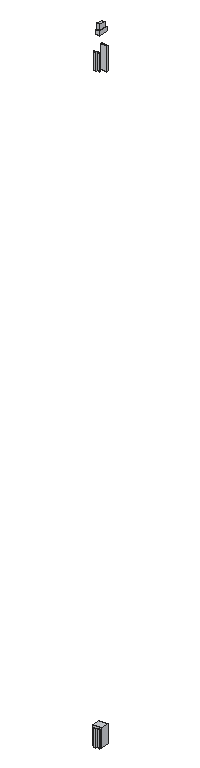
Revit family "Лифт_Пассажирский_МетеорЛифт_NeoClassic_LOD100", category Оборудование, Revit 2020 (continued)
Definition of nested family "МетеорЛифт_Кабина_МетеорЛифт_NeoClassic"
  Automatic sketch dimensions
    curve 1 to plane 6 "Левая стена кабины" = 0 mm
    curve 4 to plane 5 "Правая стена кабины" = 0 mm
    curve 6 to plane 7 "Передняя стена кабины" = 0 mm
    curve 1 to plane 8 "Задняя стена кабины" = 0 mm
  Nested families
    nested 1: "МетеорЛифт_ДверьКабины_Телескопическая_МетеорЛифт_PAX" at (0, -732, 0), Ширина дверного проема <- "Ширина дверного проема", Высота дверного проема <- "Высота дверного проема", type <- "Дверь_ПереднийВход", type "МетеорЛифт_ДверьКабины_Телескопическая_МетеорЛифт_PAX"
      with Ширина дверного проема 700 mm, Высота дверного проема 2000 mm
    nested 2: "МетеорЛифт_ДверьКабины_Отсутствует" at (0, 932, 2), Ширина дверного проема <- "Ширина дверного проема", Высота дверного проема <- "Высота дверного проема", type <- "Дверь_ЗаднийВход", type "МетеорЛифт_ДверьКабины_Отсутствует"
      with Ширина дверного проема 700 mm, Высота дверного проема 2000 mm
    nested 3: "Icons" at (-490, -540, 0), MGN <- "MGN", PPP <- "PPP", type "Icons"
      with PPP yes, MGN yes
  Definition of nested family "МетеорЛифт_ДверьКабины_Телескопическая_МетеорЛифт_PAX"
    Parameters (values of type "МетеорЛифт_ДверьКабины_Телескопическая_МетеорЛифт_PAX")
      Ширина дверного проема [instance] = 900 mm
      Default Elevation = 0 mm
      Высота дверного проема [instance] = 2000 mm
    Reference planes
      plane 1 "По центру (Вперед/Назад)": y = 0
      plane 2 "По центру (Вверх/Вниз)": z = 0
      plane 3 "По центру (Влево/Вправо)": x = 0
      plane 4: x = -450
      plane 5: x = 450
      plane 6: z = 2000
      plane 7: z = -26
      plane 8: z = 2249
      plane 9: y = 132
      plane 10: y = 45
      plane 11: y = 60
      plane 12: y = 105
    Lines and regions (mm)
      symbolic lines
        curve 1: line (450, 0, 0) -> (0, 0, 0)
        curve 2: line (0, 0, 0) -> (0, 45, 0)
        curve 3: line (0, 45, 0) -> (450, 45, 0)
        curve 4: line (-450, 60, 0) -> (0, 60, 0)
        curve 5: line (0, 60, 0) -> (0, 105, 0)
        curve 6: line (0, 105, 0) -> (-450, 105, 0)
        curve 7: line (-450, 60, 0) -> (-450, 132, 0)
        curve 8: line (450, 0, 0) -> (450, 132, 0)
        curve 9: line (0, 0, 0) -> (0, 132, 0)
        curve 10: line (0, 0, 0) -> (0, 0, 2000)
        curve 11: line (0, 0, 2000) -> (0, 132, 2000)
        curve 12: line (0, 45, 2000) -> (0, 45, 0)
        curve 13: line (0, 60, 0) -> (0, 60, 2000)
        curve 14: line (0, 105, 2000) -> (0, 105, 0)
    Dimensions and locks
      equal spacing: plane 4, plane 3 "По центру (Влево/Вправо)", plane 5
      "Ширина дверного проема": plane 4 to plane 5
      "Высота дверного проема": plane 6 to plane 2 "По центру (Вверх/Вниз)"
      locked: plane 2 "По центру (Вверх/Вниз)" to plane 7 at 26
      locked: plane 1 "По центру (Вперед/Назад)" to plane 9 at 132
      plane 8 to plane 6 = 249 mm
      locked: plane 1 "По центру (Вперед/Назад)" to plane 10 at 45
      locked: plane 10 to plane 11 at 15
      locked: plane 11 to plane 12 at 45
      aligned and locked: level to plane 2 "По центру (Вверх/Вниз)"
      aligned and locked: plane 2 "По центру (Вверх/Вниз)" to curve 9
      aligned and locked: plane 1 "По центру (Вперед/Назад)" to curve 10
      aligned and locked: curve 12 to plane 10
      aligned and locked: plane 11 to curve 13
      aligned and locked: curve 14 to plane 12
      aligned and locked: plane 6 to curve 11
      aligned and locked: plane 4 to curve 7
      aligned and locked: curve 6 to plane 12
      aligned and locked: plane 11 to curve 4
      aligned and locked: plane 3 "По центру (Влево/Вправо)" to curve 5
      aligned and locked: plane 3 "По центру (Влево/Вправо)" to curve 2
      aligned and locked: curve 1 to plane 1 "По центру (Вперед/Назад)"
      aligned and locked: plane 10 to curve 3
      aligned and locked: plane 5 to curve 8
    Automatic sketch dimensions
      plane 9 to curve 8 = 0 mm
      plane 9 to curve 7 = 0 mm
      curve 9 to plane 9 = 0 mm
      curve 11 to plane 9 = 0 mm
  Definition of nested family "МетеорЛифт_ДверьКабины_Отсутствует"
    Parameters (values of type "МетеорЛифт_ДверьКабины_Отсутствует")
      Ширина дверного проема [instance] = 1200 mm
      Default Elevation = 0 mm
      Высота дверного проема [instance] = 2000 mm
    Reference planes
      plane 1 "По центру (Вперед/Назад)": y = 0
      plane 2 "По центру (Вверх/Вниз)": z = -2
      plane 3 "По центру (Влево/Вправо)": x = 0
      plane 4: x = -600
      plane 5: x = 600
      plane 6: z = 1998
    Dimensions and locks
      equal spacing: plane 4, plane 3 "По центру (Влево/Вправо)", plane 5
      "Ширина дверного проема": plane 4 to plane 5
      "Высота дверного проема": plane 6 to plane 2 "По центру (Вверх/Вниз)"
      aligned and locked: level to plane 2 "По центру (Вверх/Вниз)"
  Definition of nested family "Icons"
    Parameters (values of type "Icons")
      Default Elevation = 0 mm
      PPP [instance] = yes
      MGN [instance] = yes
    Reference planes
      plane 1 "HW_Front": y = 0
      plane 2: z = 0
      plane 3 "HW_Left": x = 0
      plane 4: x = 500
      plane 5: x = 980
      plane 6: x = 490
    Dimensions and locks
      locked: plane 3 "HW_Left" to plane 4 at 500
      equal spacing: plane 3 "HW_Left", plane 6, plane 5
      locked: plane 4 to plane 5 at 480
      aligned and locked: level to plane 2
      aligned and locked: import instance to plane 4
      aligned and locked: plane 1 "HW_Front" to import instance
Definition of nested family "МетеорЛифт_РамаЛебедки_NeoClassic"
  Parameters (values of type "ZAA20239P")
    Ширина рамы = 1102 mm
    Угол поворота лебедки [instance] = atan((X_CWT - 200 mm) / Y_CWT)  # 25.9423°
    Угол боковой подвески [instance] = 90.00° - Угол поворота лебедки  # 64.0577°
    Расстояние до центра подвески [instance] = if(DL = 400, 332.5 mm, 287.5 mm)  # 332.5 mm
    Default Elevation = 0 mm
    Ось шкива Z [instance] = if(DL = 400, 480 mm, 480 mm)  # 480 mm
    Ось блока_Подвеска противовеса = 237.5 mm
    Межосевое расстояние = 205 mm
    Диаметр шкива [instance] = if(DL = 400, 624 mm, 579 mm)  # 624 mm
    Глубина рамы = 475 mm
    Y_CWT [instance] = 740 mm
    X_CWT [instance] = 560 mm
    X2 = 452 mm
    X1 = 150 mm
    X отводного блока = 222 mm
    DL = 400
  Types (3, lengths in mm): name | Ширина рамы | Расстояние до центра подвески | Ось блока_Подвеска противовеса | Межосевое расстояние | Диаметр шкива | Глубина рамы | X2 | X1 | X отводного блока | DL
    ZAA20239S | 848 | 287.5 | 215 | 160 | 579 | 500 | 325 | 110 | 95 | 1000
    ZAA20239R | 1042 | 287.5 | 215 | 160 | 579 | 500 | 422 | 150 | 192 | 630
    ZAA20239P | 1102 | 332.5 | 237.5 | 205 | 624 | 475 | 452 | 150 | 222 | 400
  Reference planes
    plane 1 "По центру (Вперед/Назад)": y = 0
    plane 2 "Основание": z = 0
    plane 3 "По центру (Влево/Вправо)": x = 0
    plane 4: x = -487
    plane 5: y = 475
    plane 6: x = -551
    plane 7: x = 551
    plane 8: z = 180
    plane 9: z = 340
    plane 10: z = 500
    plane 11: y = 315
    plane 12: y = 251
    plane 13 "Ось лебедки": x = -17
    plane 14 "Ось отводного блока": x = -222
    plane 15 "Ось передних креплений лебедки": y = 271.5
    plane 16 "Ось подвески": y = 195.5
    plane 17: z = 310
    plane 18: z = 477.5
    plane 19: z = 475
    plane 20: z = 452.5
    plane 21: z = 470
    plane 22: z = 341
    plane 23: z = 285
    plane 24 "Подвеска противовеса": x = -459.5
    plane 25 "Y подвески": through (-440.724, 156.905, 1200) normal (0.8992, 0.4375, 0)
    plane 26 "X подвески": through (-328.776, 259.095, 1200) normal (-0.4375, 0.8992, 0)
    plane 27: through (-325.889, 435.181, 1200) normal (0.8992, 0.4375, 0)
    plane 28: through (-730.545, 238.322, 1200) normal (0.8992, 0.4375, 0)
  Forms (mm)
    Extrusion 1, solid
      sketch origin (0, 0, 0) x (1, 0, 0) y (0, 1, 0)
        loop
          line (-551, 475) -> (-551, 0) -> (551, 0) -> (551, 475) -> (-551, 475)
      from 0 to 500
  Lines and regions (mm)
    symbolic lines
      curve 1: line (-551, 475, 0) -> (551, 475, 0)
      curve 2: line (-551, 0, 0) -> (-551, 475, 0)
      curve 3: line (551, 0, 0) -> (-551, 0, 0)
      curve 4: line (551, 475, 0) -> (551, 0, 0)
  Dimensions and locks
    "Глубина рамы": plane 1 "По центру (Вперед/Назад)" to plane 5
    locked: plane 9 to plane 8 at 160
    locked: plane 10 to plane 9 at 160
    locked: plane 11 to plane 5 at 160
    "Межосевое расстояние": plane 14 "Ось отводного блока" to plane 13 "Ось лебедки"
    plane 9 to plane 8 = 160 mm
    locked: plane 16 "Ось подвески" to plane 15 "Ось передних креплений лебедки" at 76
    locked: plane 12 to plane 15 "Ось передних креплений лебедки" at 20.5
    "Ширина рамы": plane 6 to plane 7
    equal spacing: plane 6, plane 3 "По центру (Влево/Вправо)", plane 7
    plane 13 "Ось лебедки" to plane 3 "По центру (Влево/Вправо)" = 17 mm
    locked: plane 4 to plane 14 "Ось отводного блока" at 265
    "Ось блока_Подвеска противовеса": plane 24 "Подвеска противовеса" to plane 14 "Ось отводного блока"
    plane 27 to plane 25 "Y подвески" to plane 28 = 225 mm locked, 225 mm locked
    locked: plane 6 to plane 4 at 64
    locked: plane 10 to plane 2 "Основание" at 500
    locked: plane 12 to plane 11 at 64
    "Угол боковой подвески": angle plane 25 "Y подвески" to plane 16 "Ось подвески"
    "Угол поворота лебедки": angle plane 16 "Ось подвески" to plane 26 "X подвески"
    aligned and locked: level to plane 2 "Основание"
    aligned and locked: plane 16 "Ось подвески" to nested 1
    aligned and locked: plane 10 to nested 1
    aligned and locked: plane 13 "Ось лебедки" to nested 1
    aligned and locked: plane 6 to Extrusion 1 sketch curve
    aligned and locked: Extrusion 1 sketch curve to plane 7
    aligned and locked: Extrusion 1 sketch curve to plane 1 "По центру (Вперед/Назад)"
    aligned and locked: plane 5 to Extrusion 1 sketch curve
    aligned and locked: plane 10 to Extrusion 1
    aligned and locked: Extrusion 1 to plane 2 "Основание"
    aligned and locked: curve 3 to plane 1 "По центру (Вперед/Назад)"
    aligned and locked: plane 6 to curve 2
    aligned and locked: plane 5 to curve 1
    aligned and locked: curve 4 to plane 7
  Nested families
    nested 1: "МетеорЛифт_Лебедка_WJC-800~1000" at (-17, 195.5, 500), type "МетеорЛифт_Лебедка_WJC-800~1000"
  Definition of nested family "МетеорЛифт_Лебедка_WJC-800~1000"
    Parameters (values of type "МетеорЛифт_Лебедка_WJC-800~1000")
      Default Elevation = 0 mm
    Reference planes
      plane 1 "По центру (Вперед/Назад)": y = 0
      plane 2: z = 0
      plane 3 "По центру (Влево/Вправо)": x = 0
      plane 4: y = 256
      plane 5: x = 362.5
      plane 6: x = -362.5
      plane 7: z = 622
      plane 8: y = -77
    Forms (mm)
      Extrusion 1, solid
        sketch origin (0, 0, 0) x (1, 0, 0) y (0, 1, 0)
          loop
            line (-362.5, 256) -> (-362.5, -77) -> (362.5, -77) -> (362.5, 256) -> (-362.5, 256)
        from 0 to 622
    Lines and regions (mm)
      symbolic lines
        curve 1: line (-362.5, 256, 0) -> (362.5, 256, 0)
        curve 2: line (-362.5, -77, 0) -> (-362.5, 256, 0)
        curve 3: line (362.5, -77, 0) -> (-362.5, -77, 0)
        curve 4: line (362.5, 256, 0) -> (362.5, -77, 0)
    Dimensions and locks
      locked: plane 7 to plane 2 at 622
      equal spacing: plane 6, plane 3 "По центру (Влево/Вправо)", plane 5
      locked: plane 6 to plane 5 at 725
      locked: plane 8 to plane 1 "По центру (Вперед/Назад)" at 77
      locked: plane 4 to plane 8 at 333
      aligned and locked: level to plane 2
      aligned and locked: plane 7 to Extrusion 1
      aligned and locked: Extrusion 1 to plane 2
    Automatic sketch dimensions
      curve 3 to plane 6 = 0 mm
      curve 3 to plane 5 = 0 mm
      curve 3 to plane 8 = 0 mm
      plane 4 to curve 2 = 0 mm
      Extrusion 1 sketch curve to plane 6 = 0 mm
      Extrusion 1 sketch curve to plane 5 = 0 mm
      Extrusion 1 sketch curve to plane 8 = 0 mm
      plane 4 to Extrusion 1 sketch curve = 0 mm
Definition of nested family "МетеорЛифт_ДверьШахты_Отсутствует"
  Parameters (values of type "МетеорЛифт_ДверьШахты_Отсутствует")
    Ширина дверного проема [instance] = 700 mm
    Толщина стены шахты [instance] = 200 mm
    Default Elevation = 0 mm
    Направление открывания дверей [instance] = yes
    Высота дверного проема [instance] = 2000 mm
    tol [instance] = 25 mm
  Reference planes
    plane 1 "По центру (Вперед/Назад)": y = 0
    plane 2 "По центру (Вверх/Вниз)": z = -2
    plane 3 "По центру (Влево/Вправо)": x = 0
    plane 4: x = -350
    plane 5: x = 350
    plane 6: y = 25
    plane 7: y = 130
    plane 8: z = -44
    plane 9: y = -200
  Forms (mm)
    Extrusion 1, solid, not visible
      sketch origin (0, 0, 0) x (0, 1, 0) y (0, 0, 1)
        loop
          line (130, -2) -> (25, -2) -> (25, -44) -> (130, -44) -> (130, -2)
      from -350 to 350
  Dimensions and locks
    equal spacing: plane 4, plane 3 "По центру (Влево/Вправо)", plane 5
    "Ширина дверного проема": plane 4 to plane 5
    locked: plane 2 "По центру (Вверх/Вниз)" to plane 8 at 42
    "tol": plane 1 "По центру (Вперед/Назад)" to plane 6
    locked: plane 6 to plane 7 at 105
    "Толщина стены шахты": plane 9 to plane 1 "По центру (Вперед/Назад)"
    aligned and locked: Extrusion 1 sketch curve to plane 7
    aligned and locked: Extrusion 1 sketch curve to plane 8
    aligned and locked: plane 6 to Extrusion 1 sketch curve
    aligned and locked: plane 2 "По центру (Вверх/Вниз)" to Extrusion 1
    aligned and locked: level to plane 2 "По центру (Вверх/Вниз)"
    aligned and locked: Extrusion 1 to plane 4
    aligned and locked: plane 5 to Extrusion 1
  Automatic sketch dimensions
    level to Extrusion 1 sketch curve = 0 mm
Types (8, lengths in mm): name | Ширина проема | Угол поворота лебедки | Угол боковой подвески | Смещение проема | Расположение противовеса | Привязка подвески кабины Y | Привязка подвески кабины X | Привязка подвески кабины | Привязка переднего фасада кабины | Привязка отверстия для ПК | Полная мощность лифта | ПодвескаПротивовеса_13 | ПодвескаКабины_34 | ПодвескаКабины_24 | Ось противовеса X | hw1_min_cwt | CWT_DBG | CARDBG | Ширина шахты фактическая | Тип кабины | Пусковой ток | Привязка оси проема к стене шахты со стороны противовеса фактическая | Номинальный ток | Номинальная мощность лифта | Номинал автомата защиты в контроллере лифта | Направляющая кабины | Минимальная ширина шахты | Максимальная ширина шахты | Доступные смещения проема | Допустимые ширины проема | L_CARGRH | Вылет одиночных кронштейнов справа | Вылет одиночных кронштейнов слева | Вылет кронштейнов сзади | Вылет П-образных кронштейнов | Вылет C_ кронштейнов слева | Глубина шахты фактическая | Глубина приямка фактическая | hw2_min_door | hw2_min_car | hw2_min | hw2_max | hw1_min_door | hw1_min_car | hw1_min | hw1_max | Y_CWT | X_CWT | TCLOC | S_MIN | OP | NBPAS | L6_CWT | HW_MIN | HW_LIM | Ширина шахты | Ширина кабины | Ширина дверного проема | Смещение дверного проема | HW1_MIN | HW1_MAX | HL6_MIN | HL6_LIM | Привязка оси проема к левой стене шахты | Ось противовеса Y | Минимальная глубина шахты | Минимальная глубина приямка | HW_MAX | Минимальная привязка оси проема к левой стене шахты | Максимальная привязка оси проема к левой стене шахты | HL6_MAX | Максимальная глубина шахты | Количество пассажиров | Грузоподъемность | HD_MIN | HD_MAX | HD_LIM | Глубина шахты | S_LIM | Глубина приямка | Глубина кабины | DOP | DL | CWTLOC_13_395 | CWTLOC_13_560 | CWTLOC_13 | CWTLOC_12_960 | CWTLOC_12_400кг | CWTLOC_12_Справа | CWTLOC_12_665 | CWTLOC_12_1000кг | CWTLOC_12_775 | CWTLOC_12 | CWTLOC | CW | CD | CAGOVLOC 3 | CAGOVLOC 2 | CAGOVLOC
  Г/п 1000 кг / Кабина 2100х1100 (ШхГ) / Противовес сзади | Ширина : 1200 | 15.00° | 19.179° | Смещение : 350 | "Сзади" | 65.704 | 200 | 200 | 480 | 830 | 8163.27 VA | no | yes | no | 775 | 0 | 1570 | 2180 | 2450 | "13X" | 17 A | 1575 | 13 A | 8000 W | 25 A | 89 | 2418 | 3048 | "Смещение : 200; 250; 350*" | "Ширина : 1100; 1200" | 62 | 73 | 73 | 163 | 1144 | 1025 | 1700 | 1200 | 1109 | 1194 | 1209 | 1524 | 913 | 1194 | 1209 | 1524 | 200 | 775 | 2 | 1200 | 1200 | 13 | 1025 | 2418 | 2450 | 2450 | 2100 | 1200 | 350 | 1209 | 1241 | 1559 | 1575 | 1575 | 200 | 1652 | 1200 | 3048 | 1559 | 1591 | 1591 | 2062 | 13 | 1000 | 1652 | 2062 | 1700 | 1700 | 1200 | 1200 | 1100 | 350 | 1000 | no | no | no | no | no | no | no | yes | yes | yes | 12 | 2100 | 1100 | yes | no | 3
  Г/п 400 кг / Кабина 1100х950 (ШхГ) / Противовес сзади | Ширина : 700 | 15.00° | 23.2729° | Смещение : 100 | "Сзади" | 92.851 | 215.879 | 235 | 440 | 435 | 4591.84 VA | no | no | no | 665 | 0 | 780 | 1180 | 1450 | "05W" | 9.4 A | 825 | 7.2 A | 4500 W | 16 A | 82 | 1430 | 2060 | "Смещение : 0*; 30; 50; 70; 100" | "Ширина : 650; 700; 800; 900" | 68 | 67 | 67 | 163 | 844 | 725 | 1550 | 1100 | 609 | 700 | 715 | 1030 | 663 | 700 | 715 | 1030 | 0 | 665 | 1 | 1100 | 700 | 5 | 725 | 1430 | 1450 | 1450 | 1100 | 700 | 100 | 715 | 735 | 815 | 825 | 825 | 0 | 1502 | 1100 | 2060 | 815 | 835 | 835 | 1912 | 5 | 400 | 1502 | 1912 | 1550 | 1550 | 1100 | 1100 | 950 | 100 | 400 | no | no | no | no | yes | yes | yes | no | no | yes | 12 | 1100 | 950 | no | yes | 2
  Г/п 630 кг / Кабина 1100х1400 (ШхГ) / Противовес сбоку | Ширина : 800 | 14.5742° | 75.4258° | Смещение : 30 | "Сбоку" | 193.565 | 50.327 | 200 | 600 | 715 | 5816.33 VA | yes | no | yes | 395 | 0 | 500 | 1180 | 1600 | "08D" | 12 A | 910 | 9 A | 5700 W | 16 A | 82 | 1595 | 2117 | "Смещение : 0*; 30; 50" | "Ширина : 700; 800; 900" | 68 | 62 | 222 | 473 | 249 | 130 | 1750 | 1100 | 589 | 700 | 715 | 1030 | 833 | 865 | 880 | 1087 | 750 | 395 | 2 | 1100 | 800 | 8 | 130 | 1595 | 1600 | 1600 | 1100 | 800 | 30 | 880 | 885 | 910 | 910 | 910 | 750 | 1747 | 1100 | 2117 | 910 | 915 | 915 | 5000 | 8 | 630 | 1747 | 5000 | 1750 | 1750 | 1100 | 1100 | 1400 | 30 | 630 | yes | no | yes | no | no | no | no | no | no | no | 13 | 1100 | 1400 | yes | no | 3
  Г/п 1000 кг / Кабина 1100х2100 (ШхГ) / Противовес сбоку | Ширина : 900 | 25.9423° | 64.0577° | Смещение : 50 | "Сбоку" | 220.313 | 107.179 | 245 | 920 | 750 | 8163.27 VA | yes | no | yes | 560 | 0 | 780 | 1180 | 1650 | "13D" | 17 A | 985 | 13 A | 8000 W | 25 A | 89 | 1637 | 2105 | "Смещение : 30*; 50" | "Ширина : 700; 800; 900; 1000" | 62 | 63 | 283 | 688 | 314 | 195 | 2450 | 1100 | 659 | 694 | 709 | 1024 | 913 | 855 | 928 | 1081 | 740 | 560 | 3 | 1100 | 900 | 13 | 195 | 1637 | 1650 | 1650 | 1100 | 900 | 50 | 928 | 941 | 978 | 985 | 985 | 740 | 2447 | 1100 | 2105 | 978 | 991 | 991 | 5000 | 13 | 1000 | 2447 | 5000 | 2450 | 2450 | 1100 | 1100 | 2100 | 50 | 1000 | no | yes | yes | no | no | no | no | no | no | no | 13 | 1100 | 2100 | yes | no | 3
  Г/п 1000 кг / Кабина 1600х1400 (ШхГ) / Противовес сзади | Ширина : 900 | 15.00° | 14.7436° | Смещение : 0 | "Сзади" | 59.806 | 310 | 235 | 600 | 475 | 8163.27 VA | no | no | no | 960 | 0 | 780 | 1680 | 2000 | "13W" | 17 A | 1000 | 13 A | 8000 W | 25 A | 89 | 1937 | 2548 | "Смещение : 0" | "Ширина : 800; 900; 1000" | 62 | 98 | 98 | 158 | 919 | 800 | 2000 | 1100 | 609 | 944 | 959 | 1274 | 963 | 944 | 978 | 1274 | 200 | 960 | 2 | 1100 | 900 | 13 | 800 | 1937 | 2000 | 2000 | 1600 | 900 | 0 | 978 | 1041 | 978 | 1000 | 1000 | 200 | 1957 | 1100 | 2548 | 978 | 1041 | 1041 | 2367 | 13 | 1000 | 1957 | 2367 | 2000 | 2000 | 1100 | 1100 | 1400 | 0 | 1000 | no | no | no | yes | no | no | no | yes | no | yes | 12 | 1600 | 1400 | yes | no | 3
  Г/п 630 кг / Кабина 2100х1100 (ШхГ) / Противовес сзади | Ширина : 1200 | 15.00° | 19.179° | Смещение : 350 | "Сзади" | 65.704 | 200 | 200 | 480 | 830 | 5816.33 VA | no | yes | no | 775 | 1125 | 1570 | 2180 | 2450 | "08X" | 12 A | 1575 | 9 A | 5700 W | 16 A | 89 | 2418 | 3048 | "Смещение : 200; 250; 350*" | "Ширина : 1100; 1200" | 62 | 73 | 73 | 163 | 1144 | 1025 | 1700 | 1200 | 1109 | 1194 | 1209 | 1524 | 913 | 1194 | 1209 | 1524 | 200 | 775 | 2 | 1200 | 1200 | 8 | 1025 | 2418 | 2450 | 2450 | 2100 | 1200 | 350 | 1209 | 1241 | 1559 | 1575 | 1575 | 200 | 1652 | 1200 | 3048 | 1559 | 1591 | 1591 | 2062 | 8 | 630 | 1652 | 2062 | 1700 | 1700 | 1200 | 1200 | 1100 | 350 | 630 | no | no | no | no | no | no | no | yes | yes | yes | 12 | 2100 | 1100 | yes | no | 3
  Г/п 630 кг / Кабина 1100х2100 (ШхГ) / Противовес сбоку | Ширина : 900 | 25.9423° | 64.0577° | Смещение : 50 | "Сбоку" | 220.313 | 107.179 | 245 | 920 | 750 | 5816.33 VA | yes | no | yes | 560 | 0 | 780 | 1180 | 1650 | "L08" | 12 A | 985 | 9 A | 5700 W | 16 A | 89 | 1637 | 2105 | "Смещение : 30*; 50" | "Ширина : 700; 800; 900; 1000" | 62 | 63 | 283 | 688 | 314 | 195 | 2450 | 1100 | 659 | 694 | 709 | 1024 | 913 | 855 | 928 | 1081 | 740 | 560 | 3 | 1100 | 900 | 8 | 195 | 1637 | 1650 | 1650 | 1100 | 900 | 50 | 928 | 941 | 978 | 985 | 985 | 740 | 2447 | 1100 | 2105 | 978 | 991 | 991 | 5000 | 8 | 630 | 2447 | 5000 | 2450 | 2450 | 1100 | 1100 | 2100 | 50 | 630 | no | yes | yes | no | no | no | no | no | no | no | 13 | 1100 | 2100 | yes | no | 3
  Г/п 630 кг / Кабина 1100х1400 (ШхГ) / Противовес сзади | Ширина : 700 | 15.00° | 14.7436° | Смещение : 100 | "Сзади" | 59.806 | 310 | 235 | 600 | 475 | 5816.33 VA | no | no | no | 960 | 730 | 780 | 1180 | 1500 | "08D" | 12 A | 850 | 9 A | 5700 W | 16 A | 82 | 1460 | 2060 | "Смещение : 0*; 30; 50; 70; 100" | "Ширина : 700; 800; 900" | 68 | 92 | 92 | 158 | 669 | 550 | 2000 | 1100 | 609 | 700 | 715 | 1030 | 663 | 700 | 745 | 1030 | 200 | 960 | 2 | 1100 | 700 | 8 | 550 | 1460 | 1500 | 1500 | 1100 | 700 | 100 | 745 | 785 | 845 | 850 | 850 | 200 | 1957 | 1100 | 2060 | 845 | 885 | 885 | 2367 | 8 | 630 | 1957 | 2367 | 2000 | 2000 | 1100 | 1100 | 1400 | 100 | 630 | no | no | no | yes | no | no | no | yes | no | yes | 12 | 1100 | 1400 | yes | no | 3
